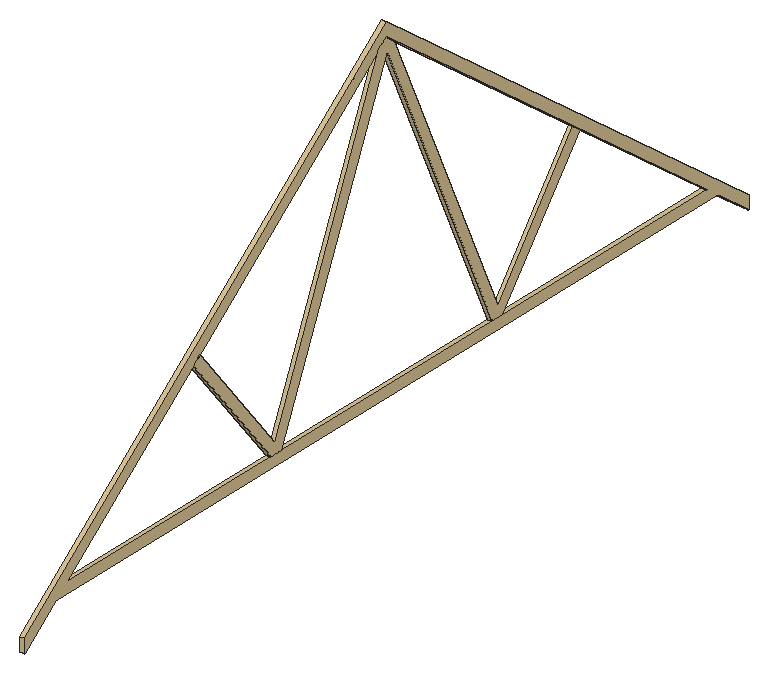
Revit family
Parameters (values of type "Roof Truss")
  Assembly Code = ""
  Truss Thickness = 38 mm
  Top Boom Depth = 97 mm
  Span = 7500 mm
  Pitch = 38.00°
  Overhang = 350 mm
  Material Truss = Wood - Timber
  Keynote = "G20/350"
  Int Boom Depth = 97 mm
  Bttm Boom Depth = 97 mm
Reference planes
  plane 1 "End1": y = 0
  plane 2: z = 0
  plane 3 "Center (Left/Right)": x = 0
  plane 4 "End2": y = 7500
  plane 5: y = 3750
  plane 6: y = 2500
  plane 7: y = 5000
  plane 8: y = -350
  plane 9: y = 7850
Forms (mm)
  Extrusion 1, solid, material "트러스재료02"
    sketch origin (0, 0, 0) x (0, 1, 0) y (0, 0, 1)
      loop
        line (2440.388, 94.523) -> (2551.919, 94.523) -> (3750, 2809.683) -> (4946.988, 97) -> (5061.547, 97) -> (5938.757, 1219.777) -> (5862.32, 1279.496) -> (5011.664, 190.706) -> (3830.903, 2866.613) -> (3750, 2929.821) -> (3669.097, 2866.613) -> (2488.336, 190.706) -> (1637.68, 1279.496) -> (1561.243, 1219.777) -> (2440.388, 94.523)
    from 19 to -19
  Extrusion 2, solid, material "Wood - Timber"
    sketch origin (0, 0, 0) x (0, 1, 0) y (0, 0, 1)
      loop
        line (-350, -273.45) -> (0, 0) -> (7500, 0) -> (7850, -273.45) -> (7850, -150.355) -> (3750, 3052.916) -> (-350, -150.355) -> (-350, -273.45)
      loop
        line (124.154, 97) -> (7375.846, 97) -> (3750, 2929.821) -> (124.154, 97)
    from 19 to -19
Lines and regions (mm)
  symbolic lines, style "InvisibleLines"
    curve 1: line (0, 0, 0) -> (0, 4334.059, 3386.138)
    curve 2: line (0, 7500, 0) -> (0, 3165.941, 3386.138)
    curve 3: line (0, 3750, 2929.821) -> (0, 2500, 97)
    curve 4: line (0, 2500, 97) -> (0, 1599.462, 1249.636)
    curve 5: line (0, 3750, 2929.821) -> (0, 5000, 97)
    curve 6: line (0, 5000, 97) -> (0, 5900.538, 1249.636)
Dimensions and locks
  "Span": plane 4 "End2" to plane 1 "End1"
  equal spacing: plane 1 "End1", plane 5, plane 4 "End2"
  equal spacing: plane 1 "End1", plane 6, plane 7, plane 4 "End2"
  "Overhang": plane 8 to plane 1 "End1"
  "Overhang": plane 9 to plane 4 "End2"
  locked: plane 6 to curve 4 at 0
  locked: curve 5 to plane 7 at 0
  equal spacing: Extrusion 1 sketch curve, curve 4, Extrusion 1 sketch curve
  "Int Boom Depth": Extrusion 1 sketch curve to Extrusion 1 sketch curve  (x4)
  equal spacing: Extrusion 1 sketch curve, curve 3, Extrusion 1 sketch curve
  equal spacing: Extrusion 1 sketch curve, curve 5, Extrusion 1 sketch curve
  equal spacing: Extrusion 1 sketch curve, curve 6, Extrusion 1 sketch curve
  "Top Boom Depth": Extrusion 2 sketch curve to Extrusion 2 sketch curve  (x2)
  "Bttm Boom Depth": Extrusion 2 sketch curve to Extrusion 2 sketch curve
  Extrusion 2 to Extrusion 2 = 19 mm
  "Truss Thickness": Extrusion 2 to Extrusion 2
  "Pitch": angle level to curve 1
  "Pitch": angle curve 2 to level
  aligned and locked: level to curve 1
  aligned and locked: curve 1 to curve 4
  aligned and locked: curve 2 to curve 6
  aligned and locked: Extrusion 1 sketch curve to curve 2
  aligned and locked: Extrusion 2 sketch curve to Extrusion 2 sketch curve  (x2)
Automatic sketch dimensions
  curve 1 to plane 1 "End1" = 0 mm
  curve 2 to level = 0 mm
  curve 2 to plane 4 "End2" = 0 mm
  plane 6 to Extrusion 1 sketch curve = 51.919 mm
  Extrusion 1 sketch curve to Extrusion 1 sketch curve = 0 mm
  Extrusion 1 sketch curve to plane 5 = 0 mm
  curve 5 to plane 5 = 0 mm
  curve 4 to plane 6 = 900.538 mm
  plane 7 to curve 6 = 900.538 mm
  level to curve 5 = 97 mm
  level to curve 4 = 97 mm
  curve 4 to curve 5 = 1680.185 mm
  Extrusion 1 sketch curve to plane 6 = 862.32 mm
  Extrusion 1 sketch curve to plane 5 = 80.903 mm
  Extrusion 1 sketch curve to plane 7 = 53.012 mm
  Extrusion 1 sketch curve to Extrusion 1 sketch curve = 63.208 mm
  Extrusion 2 sketch curve to plane 8 = 0 mm
  Extrusion 2 sketch curve to level = 0 mm
  Extrusion 2 sketch curve to plane 1 "End1" = 0 mm
  Extrusion 2 sketch curve to plane 5 = 0 mm  (x2)
  Extrusion 2 sketch curve to plane 9 = 0 mm
  Extrusion 2 sketch curve to plane 1 "End1" = 124.154 mm
